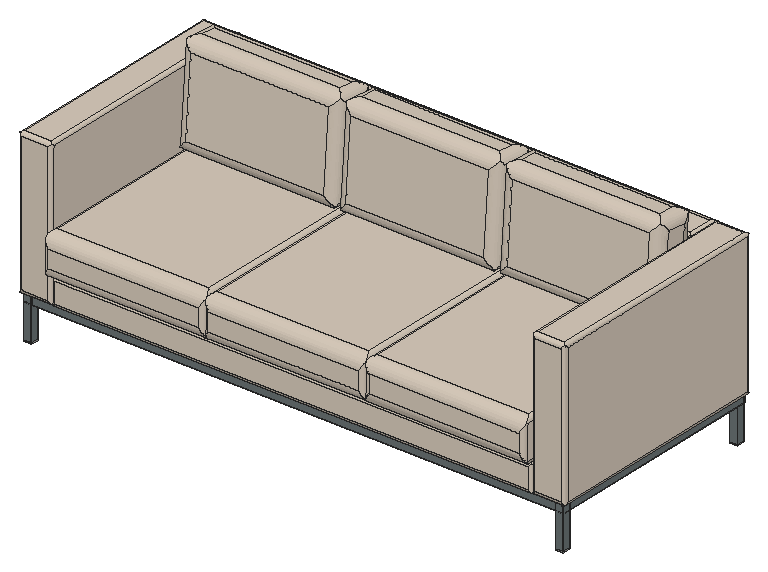
Revit family "FU_Sofa_Sandler_Iber 7-3", category Furniture, Revit 2022
Family settings
  OmniClass Number = 23.40.20.00
  OmniClass Title = General Furniture and Specialties
  Work Plane-Based = No
  Always vertical = Yes
  Cut with Voids When Loaded = No
  Render Appearance Source = Family Geometry
  Shared = No
  Room Calculation Point = No
Parameters (values of type "Iber 7.3")
  Width = 1990 mm
  URL = "https://www.sandlerseating.com/product/iber-7-3/"
  Seat [instance] = Fabric - Manhattan - Bronx YI364
  Model = "Iber 7.3"
  Manufacturer = "Sandler"
  Height = 780 mm
  Frame [instance] = Metal - Powdercoats - Granite Grey RAL 7026
  Description = "Three-seat sofa with slender armrests and chrome feet."
  Depth = 880 mm
  Default Elevation = 0 mm
Reference planes
  plane 1 "Center (Front/Back)": y = 0
  plane 2: z = 0
  plane 3 "Center (Left/Right)": x = 0
  plane 4 "Right": x = -995
  plane 5 "Left": x = 995
  plane 6 "Back": y = 440
  plane 7 "Front": y = -440
  plane 8 "Height": z = 780
  plane 9 "Seat Height": z = 410
  plane 10 "frame height FRONT": z = 155
  plane 11 "pads FRONT": z = 5
  plane 12 "frame right FRONT": x = -984.066
  plane 13 "frame left FRONT": x = 984.331
  plane 14 "frame front RIGHT": y = -396
  plane 15 "frame back RIGHT": y = 428
  plane 16 "inner right arm FRONT": x = -875.043
  plane 17 "inner left arm FRONT": x = 874.947
Forms (mm)
  Sweep 1, solid, material "Metal - Powdercoats - Granite Grey RAL 7026" <- "Frame"
    path origin (0, 0, 155) x (-1, 0, 0) y (0, -1, 0)
      loop
        line (984.066, -428) -> (984.066, 396) -> (-984.331, 396) -> (-984.331, -428) -> (984.066, -428)
    profile origin (0.132, 428, 155) x (0, 1, 0) y (0, 0, 1)
      loop
        line (-1.5, 0) -> (-28.5, 0)
        arc (-28.5, 0) -> (-29.561, -0.439) -> (-30, -1.5) r 1.5
        line (-30, -1.5) -> (-30, -26.5)
        arc (-30, -26.5) -> (-29.561, -27.561) -> (-28.5, -28) r 1.5
        line (-28.5, -28) -> (-1.5, -28)
        arc (-1.5, -28) -> (-0.439, -27.561) -> (0, -26.5) r 1.5
        line (0, -26.5) -> (0, -1.5)
        arc (0, -1.5) -> (-0.439, -0.439) -> (-1.5, 0) r 1.5
  Sweep 2, solid, material "Metal - Powdercoats - Granite Grey RAL 7026" <- "Frame"
    path origin (984.331, 0, 0) x (0, 0, 1) y (0, -1, 0)
      loop
        line (155, 396) -> (5, 396)
    profile origin (984.331, -396, 80) x (1, 0, 0) y (0, 1, 0)
      loop
        arc (-1.48, -0.021) -> (-0.419, 0.419) -> (0.02, 1.479) r 1.5
        line (0.02, 1.479) -> (0.02, 28.479)
        arc (0.02, 28.479) -> (-0.419, 29.54) -> (-1.48, 29.979) r 1.5
        line (-1.48, 29.979) -> (-28.48, 29.979)
        arc (-28.48, 29.979) -> (-29.541, 29.54) -> (-29.98, 28.479) r 1.5
        line (-29.98, 28.479) -> (-29.98, 1.479)
        arc (-29.98, 1.479) -> (-29.541, 0.419) -> (-28.48, -0.021) r 1.5
        line (-28.48, -0.021) -> (-1.48, -0.021)
  Sweep 3, solid, material "Metal - Powdercoats - Granite Grey RAL 7026" <- "Frame"
    path origin (-984.066, 0, 0) x (0, 0, 1) y (0, -1, 0)
      loop
        line (155, 396.021) -> (5, 396.021)
    profile origin (-984.066, -396.021, 80) x (1, 0, 0) y (0, 1, 0)
      loop
        arc (28.5, 0) -> (29.561, 0.439) -> (30, 1.5) r 1.5
        line (30, 1.5) -> (30, 28.5)
        arc (30, 28.5) -> (29.561, 29.561) -> (28.5, 30) r 1.5
        line (28.5, 30) -> (1.5, 30)
        arc (1.5, 30) -> (0.439, 29.561) -> (0, 28.5) r 1.5
        line (0, 28.5) -> (0, 1.5)
        arc (0, 1.5) -> (0.439, 0.439) -> (1.5, 0) r 1.5
        line (1.5, 0) -> (28.5, 0)
  Sweep 4, solid, material "Metal - Powdercoats - Granite Grey RAL 7026" <- "Frame"
    path origin (0, -396, 0) x (0, 0, 1) y (1, 0, 0)
      loop
        line (155, -984.066) -> (5, -984.066)
    profile origin (-984.066, -396, 80) x (0, 1, 0) y (-1, 0, 0)
      loop
        arc (794, -28.5) -> (794.439, -29.561) -> (795.5, -30) r 1.5
        line (795.5, -30) -> (822.5, -30)
        arc (822.5, -30) -> (823.561, -29.561) -> (824, -28.5) r 1.5
        line (824, -28.5) -> (824, -1.5)
        arc (824, -1.5) -> (823.561, -0.439) -> (822.5, 0) r 1.5
        line (822.5, 0) -> (795.5, 0)
        arc (795.5, 0) -> (794.439, -0.439) -> (794, -1.5) r 1.5
        line (794, -1.5) -> (794, -28.5)
  Sweep 5, solid, material "Metal - Powdercoats - Granite Grey RAL 7026" <- "Frame"
    path origin (984.331, 0, 0) x (0, 0, 1) y (0, -1, 0)
      loop
        line (155, -428) -> (5, -428)
    profile origin (984.331, 428, 80) x (1, 0, 0) y (0, 1, 0)
      loop
        arc (-1.5, -30) -> (-0.439, -29.561) -> (0, -28.5) r 1.5
        line (0, -28.5) -> (0, -1.5)
        arc (0, -1.5) -> (-0.439, -0.439) -> (-1.5, 0) r 1.5
        line (-1.5, 0) -> (-28.5, 0)
        arc (-28.5, 0) -> (-29.561, -0.439) -> (-30, -1.5) r 1.5
        line (-30, -1.5) -> (-30, -28.5)
        arc (-30, -28.5) -> (-29.561, -29.561) -> (-28.5, -30) r 1.5
        line (-28.5, -30) -> (-1.5, -30)
  Sweep 6, solid, material "Rubber, Natural"
    path origin (984.331, 0, 0) x (0, 0, 1) y (0, -1, 0)
      loop
        line (5, -428) -> (0, -428)
    profile origin (984.331, 428, 2.5) x (1, 0, 0) y (0, 1, 0)
      loop
        arc (-1.48, -30) -> (-0.419, -29.561) -> (0.02, -28.5) r 1.5
        line (0.02, -28.5) -> (0.02, -1.5)
        arc (0.02, -1.5) -> (-0.419, -0.439) -> (-1.48, 0) r 1.5
        line (-1.48, 0) -> (-28.48, 0)
        arc (-28.48, 0) -> (-29.541, -0.439) -> (-29.98, -1.5) r 1.5
        line (-29.98, -1.5) -> (-29.98, -28.5)
        arc (-29.98, -28.5) -> (-29.541, -29.561) -> (-28.48, -30) r 1.5
        line (-28.48, -30) -> (-1.48, -30)
  Sweep 7, solid, material "Rubber, Natural"
    path origin (984.331, 0, 0) x (0, 0, 1) y (0, -1, 0)
      loop
        line (5, 396.021) -> (0, 396.021)
    profile origin (984.331, -396.021, 2.5) x (1, 0, 0) y (0, 1, 0)
      loop
        arc (-1.48, 0) -> (-0.419, 0.439) -> (0.02, 1.5) r 1.5
        line (0.02, 1.5) -> (0.02, 28.5)
        arc (0.02, 28.5) -> (-0.419, 29.561) -> (-1.48, 30) r 1.5
        line (-1.48, 30) -> (-28.48, 30)
        arc (-28.48, 30) -> (-29.541, 29.561) -> (-29.98, 28.5) r 1.5
        line (-29.98, 28.5) -> (-29.98, 1.5)
        arc (-29.98, 1.5) -> (-29.541, 0.439) -> (-28.48, 0) r 1.5
        line (-28.48, 0) -> (-1.48, 0)
  Sweep 8, solid, material "Rubber, Natural"
    path origin (-984.066, 0, 0) x (0, 0, 1) y (0, -1, 0)
      loop
        line (5, 396.021) -> (0, 396.021)
    profile origin (-984.066, -396.021, 2.5) x (1, 0, 0) y (0, 1, 0)
      loop
        arc (28.5, 0) -> (29.561, 0.439) -> (30, 1.5) r 1.5
        line (30, 1.5) -> (30, 28.5)
        arc (30, 28.5) -> (29.561, 29.561) -> (28.5, 30) r 1.5
        line (28.5, 30) -> (1.5, 30)
        arc (1.5, 30) -> (0.439, 29.561) -> (0, 28.5) r 1.5
        line (0, 28.5) -> (0, 1.5)
        arc (0, 1.5) -> (0.439, 0.439) -> (1.5, 0) r 1.5
        line (1.5, 0) -> (28.5, 0)
  Sweep 9, solid, material "Rubber, Natural"
    path origin (-984.066, 0, 0) x (0, 0, 1) y (0, -1, 0)
      loop
        line (5, -428) -> (0, -428)
    profile origin (-984.066, 428, 2.5) x (1, 0, 0) y (0, 1, 0)
      loop
        arc (28.5, -30) -> (29.561, -29.561) -> (30, -28.5) r 1.5
        line (30, -28.5) -> (30, -1.5)
        arc (30, -1.5) -> (29.561, -0.439) -> (28.5, 0) r 1.5
        line (28.5, 0) -> (1.5, 0)
        arc (1.5, 0) -> (0.439, -0.439) -> (0, -1.5) r 1.5
        line (0, -1.5) -> (0, -28.5)
        arc (0, -28.5) -> (0.439, -29.561) -> (1.5, -30) r 1.5
        line (1.5, -30) -> (28.5, -30)
  Extrusion 10, solid, material "Fabric - Manhattan - Bronx YI364" <- "Seat"
    sketch origin (-995, 0, 0) x (0, 1, 0) y (0, 0, 1)
      loop
        arc (425, 155) -> (435.607, 159.393) -> (440, 170) r 15
        line (440, 170) -> (440, 670)
        arc (440, 670) -> (435.607, 680.607) -> (425, 685) r 15
        line (425, 685) -> (-388.972, 685)
        arc (-388.972, 685) -> (-399.579, 680.607) -> (-403.972, 670) r 15
        line (-403.972, 670) -> (-403.972, 170)
        arc (-403.972, 170) -> (-399.579, 159.393) -> (-388.972, 155) r 15
        line (-388.972, 155) -> (425, 155)
    from 0 to 119.957
  Extrusion 11, solid, material "Fabric - Manhattan - Bronx YI364" <- "Seat"
    sketch origin (995, 0, 0) x (0, 1, 0) y (0, 0, 1)
      loop
        arc (425, 155) -> (435.607, 159.393) -> (440, 170) r 15
        line (440, 170) -> (440, 670)
        arc (440, 670) -> (435.607, 680.607) -> (425, 685) r 15
        line (425, 685) -> (-388.972, 685)
        arc (-388.972, 685) -> (-399.579, 680.607) -> (-403.972, 670) r 15
        line (-403.972, 670) -> (-403.972, 170)
        arc (-403.972, 170) -> (-399.579, 159.393) -> (-388.972, 155) r 15
        line (-388.972, 155) -> (425, 155)
    from 0 to -120.053
  Sweep 12, void
    path in 3D
      loop
        line (-995, 440, 685) -> (-995, 440, 155) -> (-995, -403.972, 155) -> (-995, -403.972, 685) -> (-995, 440, 685)
    profile "Pro_edgeCut_12mm : Pro_edgeCut_12mm" origin (-995, 18.014, 685) x (-1, 0, 0) y (0, 0, 1)
      loop
        line (-7.071, 21.213) -> (-14.142, 0) -> (-12, 0)
        arc (-12, 0) -> (-3.515, -3.515) -> (0, -12) r 12
        line (0, -12) -> (0, -14.142) -> (21.213, -7.071) -> (-7.071, 21.213)
  Sweep 13, void
    path in 3D
      loop
        line (-875.043, -403.972, 685) -> (-875.043, -403.972, 155) -> (-875.043, 440, 155) -> (-875.043, 440, 685) -> (-875.043, -403.972, 685)
    profile "Pro_edgeCut_12mm : Pro_edgeCut_12mm" origin (-875.043, 18.014, 685) x (1, 0, 0) y (0, 0, 1)
      loop
        line (-7.071, 21.213) -> (-14.142, 0) -> (-12, 0)
        arc (-12, 0) -> (-3.515, -3.515) -> (0, -12) r 12
        line (0, -12) -> (0, -14.142) -> (21.213, -7.071) -> (-7.071, 21.213)
  Sweep 14, void
    path in 3D
      loop
        line (995, -403.972, 685) -> (995, -403.972, 155) -> (995, 440, 155) -> (995, 440, 685) -> (995, -403.972, 685)
    profile "Pro_edgeCut_12mm : Pro_edgeCut_12mm" origin (995, 18.014, 685) x (1, 0, 0) y (0, 0, 1)
      loop
        line (-7.071, 21.213) -> (-14.142, 0) -> (-12, 0)
        arc (-12, 0) -> (-3.515, -3.515) -> (0, -12) r 12
        line (0, -12) -> (0, -14.142) -> (21.213, -7.071) -> (-7.071, 21.213)
  Sweep 15, void
    path in 3D
      loop
        line (874.947, 440, 685) -> (874.947, 440, 155) -> (874.947, -403.972, 155) -> (874.947, -403.972, 685) -> (874.947, 440, 685)
    profile "Pro_edgeCut_12mm : Pro_edgeCut_12mm" origin (874.947, 18.014, 685) x (-1, 0, 0) y (0, 0, 1)
      loop
        line (-7.071, 21.213) -> (-14.142, 0) -> (-12, 0)
        arc (-12, 0) -> (-3.515, -3.515) -> (0, -12) r 12
        line (0, -12) -> (0, -14.142) -> (21.213, -7.071) -> (-7.071, 21.213)
  Extrusion 16, solid, material "Fabric - Manhattan - Bronx YI364" <- "Seat"
    sketch origin (0, 0, 0) x (0, 1, 0) y (0, 0, 1)
      loop
        line (-393.717, 155) -> (425, 155)
        arc (425, 155) -> (435.607, 159.393) -> (440, 170) r 15
        line (440, 170) -> (440, 669.793)
        arc (440, 669.793) -> (435.607, 680.4) -> (425, 684.793) r 15
        line (425, 684.793) -> (335, 684.793)
        arc (335, 684.793) -> (324.393, 680.4) -> (320, 669.793) r 15
        line (320, 669.793) -> (320, 255) -> (-388.717, 255)
        arc (-388.717, 255) -> (-399.324, 250.607) -> (-403.717, 240) r 15
        line (-403.717, 240) -> (-403.717, 165)
        arc (-403.717, 165) -> (-400.788, 157.929) -> (-393.717, 155) r 10
    from -875.043 to 874.947
  Sweep 17, void
    path in 3D
      loop
        line (874.947, -403.717, 255) -> (874.947, -403.717, 155) -> (874.947, 440, 155) -> (874.947, 440, 684.793) -> (874.947, 320, 684.793) -> (874.947, 320, 255) -> (874.947, -403.717, 255)
    profile "Pro_edgeCut_12mm : Pro_edgeCut_12mm" origin (874.947, -41.859, 255) x (1, 0, 0) y (0, 0, 1)
      loop
        line (-7.071, 21.213) -> (-14.142, 0) -> (-12, 0)
        arc (-12, 0) -> (-3.515, -3.515) -> (0, -12) r 12
        line (0, -12) -> (0, -14.142) -> (21.213, -7.071) -> (-7.071, 21.213)
  Sweep 18, void
    path in 3D
      loop
        line (-875.043, 320, 255) -> (-875.043, 320, 684.793) -> (-875.043, 440, 684.793) -> (-875.043, 440, 155) -> (-875.043, -403.717, 155) -> (-875.043, -403.717, 255) -> (-875.043, 320, 255)
    profile "Pro_edgeCut_12mm : Pro_edgeCut_12mm" origin (-875.043, -41.859, 255) x (-1, 0, 0) y (0, 0, 1)
      loop
        line (-7.071, 21.213) -> (-14.142, 0) -> (-12, 0)
        arc (-12, 0) -> (-3.515, -3.515) -> (0, -12) r 12
        line (0, -12) -> (0, -14.142) -> (21.213, -7.071) -> (-7.071, 21.213)
  Extrusion 19, solid, material "Fabric - Manhattan - Bronx YI364" <- "Seat"
    sketch origin (-875.043, 0, 0) x (0, 0, 1) y (0, -1, 0)
      loop
        arc (460.779, -158.902) -> (427.98, -169.413) -> (412.22, -200.037) r 45
        line (412.22, -200.037) -> (407.29, -259.601)
        arc (407.29, -259.601) -> (417.8, -292.399) -> (448.424, -308.16) r 45
        line (448.424, -308.16) -> (726.248, -331.157)
        arc (726.248, -331.157) -> (759.047, -320.647) -> (774.807, -290.023) r 45
        line (774.807, -290.023) -> (779.738, -230.458)
        arc (779.738, -230.458) -> (769.227, -197.66) -> (738.603, -181.9) r 45
        line (738.603, -181.9) -> (460.779, -158.902)
    from 0 to 583
  Sweep 20, void
    path in 3D
      loop
        line (-292.043, 185.612, 783.45) -> (-292.043, 155.19, 415.932) -> (-292.043, 304.447, 403.577) -> (-292.043, 334.869, 771.095) -> (-292.043, 185.612, 783.45)
    profile "Pro_edgeCut_40mm : Pro_edgeCut_40mm" origin (-292.043, 260.241, 777.272) x (0, -0.082494, -0.996592) y (1, 0, 0)
      loop
        line (7.071, 21.213) -> (-21.213, -7.071) -> (0, -40)
        arc (0, -40) -> (11.716, -11.716) -> (40, 0) r 40
        line (40, 0) -> (7.071, 21.213)
  Sweep 21, void
    path in 3D
      loop
        line (-875.043, 334.869, 771.095) -> (-875.043, 304.447, 403.577) -> (-875.043, 155.19, 415.932) -> (-875.043, 185.612, 783.45) -> (-875.043, 334.869, 771.095)
    profile "Pro_edgeCut_40mm : Pro_edgeCut_40mm" origin (-875.043, 260.241, 777.272) x (0, -0.082494, -0.996592) y (-1, 0, 0)
      loop
        line (7.071, 21.213) -> (-21.213, -7.071) -> (0, -40)
        arc (0, -40) -> (11.716, -11.716) -> (40, 0) r 40
        line (40, 0) -> (7.071, 21.213)
  Extrusion 22, solid, material "Fabric - Manhattan - Bronx YI364" <- "Seat"
    sketch origin (-875.043, 0, 0) x (0, 0, 1) y (0, -1, 0)
      loop
        line (255, -320) -> (410, -320) -> (410, 395)
        arc (410, 395) -> (396.82, 426.82) -> (365, 440) r 45
        line (365, 440) -> (300, 440)
        arc (300, 440) -> (268.18, 426.82) -> (255, 395) r 45
        line (255, 395) -> (255, -320)
    from 0 to 583
  Sweep 23, void
    path in 3D
      loop
        line (-875.043, 320, 410) -> (-875.043, 320, 255) -> (-875.043, -440, 255) -> (-875.043, -440, 410) -> (-875.043, 320, 410)
    profile "Pro_edgeCut_32-5mm : Pro_edgeCut_32-5mm" origin (-875.043, -60, 410) x (-1, 0, 0) y (0, 0, 1)
      loop
        line (-7.071, 21.213) -> (-16.25, 0)
        arc (-16.25, 0) -> (-4.76, -4.76) -> (0, -16.25) r 16.25
        line (0, -16.25) -> (21.213, -7.071) -> (-7.071, 21.213)
  Sweep 24, void
    path in 3D
      loop
        line (-292.043, -440, 410) -> (-292.043, -440, 255) -> (-292.043, 320, 255) -> (-292.043, 320, 410) -> (-292.043, -440, 410)
    profile "Pro_edgeCut_32-5mm : Pro_edgeCut_32-5mm" origin (-292.043, -60, 410) x (1, 0, 0) y (0, 0, 1)
      loop
        line (-7.071, 21.213) -> (-16.25, 0)
        arc (-16.25, 0) -> (-4.76, -4.76) -> (0, -16.25) r 16.25
        line (0, -16.25) -> (21.213, -7.071) -> (-7.071, 21.213)
  Extrusion 25, solid, material "Fabric - Manhattan - Bronx YI364" <- "Seat"
    sketch origin (575.043, 0, 0) x (0, 0, 1) y (0, 1, 0)
      loop
        line (460.779, 158.902) -> (738.603, 181.9)
        arc (738.603, 181.9) -> (769.227, 197.66) -> (779.738, 230.458) r 45
        line (779.738, 230.458) -> (774.807, 290.023)
        arc (774.807, 290.023) -> (759.047, 320.647) -> (726.248, 331.157) r 45
        line (726.248, 331.157) -> (448.424, 308.16)
        arc (448.424, 308.16) -> (417.8, 292.399) -> (407.29, 259.601) r 45
        line (407.29, 259.601) -> (412.22, 200.037)
        arc (412.22, 200.037) -> (427.98, 169.413) -> (460.779, 158.902) r 45
    from -299.903 to 283
  Sweep 26, void
    path in 3D
      loop
        line (292.043, 185.612, 783.45) -> (292.043, 155.19, 415.932) -> (292.043, 304.447, 403.577) -> (292.043, 334.869, 771.095) -> (292.043, 185.612, 783.45)
    profile "Pro_edgeCut_40mm : Pro_edgeCut_40mm" origin (292.043, 260.241, 777.272) x (0, 0.082494, 0.996592) y (-1, 0, 0)
      loop
        line (-7.071, 21.213) -> (-40, 0)
        arc (-40, 0) -> (-11.716, -11.716) -> (0, -40) r 40
        line (0, -40) -> (21.213, -7.071) -> (-7.071, 21.213)
  Sweep 27, void
    path in 3D
      loop
        line (874.947, 334.869, 771.095) -> (874.947, 304.447, 403.577) -> (874.947, 155.19, 415.932) -> (874.947, 185.612, 783.45) -> (874.947, 334.869, 771.095)
    profile "Pro_edgeCut_40mm : Pro_edgeCut_40mm" origin (874.947, 260.241, 777.272) x (0, 0.082494, 0.996592) y (1, 0, 0)
      loop
        line (-7.071, 21.213) -> (-40, 0)
        arc (-40, 0) -> (-11.716, -11.716) -> (0, -40) r 40
        line (0, -40) -> (21.213, -7.071) -> (-7.071, 21.213)
  Extrusion 28, solid, material "Fabric - Manhattan - Bronx YI364" <- "Seat"
    sketch origin (575.043, 0, 0) x (0, 0, 1) y (0, 1, 0)
      loop
        line (255, 320) -> (255, -395)
        arc (255, -395) -> (268.18, -426.82) -> (300, -440) r 45
        line (300, -440) -> (365, -440)
        arc (365, -440) -> (396.82, -426.82) -> (410, -395) r 45
        line (410, -395) -> (410, 320) -> (255, 320)
    from -299.903 to 283
  Sweep 29, void
    path in 3D
      loop
        line (874.947, 320, 410) -> (874.947, 320, 255) -> (874.947, -440, 255) -> (874.947, -440, 410) -> (874.947, 320, 410)
    profile "Pro_edgeCut_32-5mm : Pro_edgeCut_32-5mm" origin (874.947, -60, 410) x (-1, 0, 0) y (0, 0, 1)
      loop
        line (7.071, 21.213) -> (-21.213, -7.071) -> (0, -16.25)
        arc (0, -16.25) -> (4.76, -4.76) -> (16.25, 0) r 16.25
        line (16.25, 0) -> (7.071, 21.213)
  Sweep 30, void
    path in 3D
      loop
        line (292.043, -440, 410) -> (292.043, -440, 255) -> (292.043, 320, 255) -> (292.043, 320, 410) -> (292.043, -440, 410)
    profile "Pro_edgeCut_32-5mm : Pro_edgeCut_32-5mm" origin (292.043, -60, 410) x (1, 0, 0) y (0, 0, 1)
      loop
        line (7.071, 21.213) -> (-21.213, -7.071) -> (0, -16.25)
        arc (0, -16.25) -> (4.76, -4.76) -> (16.25, 0) r 16.25
        line (16.25, 0) -> (7.071, 21.213)
  Extrusion 31, solid, material "Fabric - Manhattan - Bronx YI364" <- "Seat"
    sketch origin (-8.548, 0, 0) x (0, 0, 1) y (0, 1, 0)
      loop
        line (460.779, 158.902) -> (738.603, 181.9)
        arc (738.603, 181.9) -> (769.227, 197.66) -> (779.738, 230.458) r 45
        line (779.738, 230.458) -> (774.807, 290.023)
        arc (774.807, 290.023) -> (759.047, 320.647) -> (726.248, 331.157) r 45
        line (726.248, 331.157) -> (448.424, 308.16)
        arc (448.424, 308.16) -> (417.8, 292.399) -> (407.29, 259.601) r 45
        line (407.29, 259.601) -> (412.22, 200.037)
        arc (412.22, 200.037) -> (427.98, 169.413) -> (460.779, 158.902) r 45
    from -299.903 to 283
  Sweep 32, void
    path in 3D
      loop
        line (-291.548, 185.612, 783.45) -> (-291.548, 155.19, 415.932) -> (-291.548, 304.447, 403.577) -> (-291.548, 334.869, 771.095) -> (-291.548, 185.612, 783.45)
    profile "Pro_edgeCut_40mm : Pro_edgeCut_40mm" origin (-291.548, 260.241, 777.272) x (0, 0.082494, 0.996592) y (-1, 0, 0)
      loop
        line (-7.071, 21.213) -> (-40, 0)
        arc (-40, 0) -> (-11.716, -11.716) -> (0, -40) r 40
        line (0, -40) -> (21.213, -7.071) -> (-7.071, 21.213)
  Sweep 33, void
    path in 3D
      loop
        line (291.355, 334.869, 771.095) -> (291.355, 304.447, 403.577) -> (291.355, 155.19, 415.932) -> (291.355, 185.612, 783.45) -> (291.355, 334.869, 771.095)
    profile "Pro_edgeCut_40mm : Pro_edgeCut_40mm" origin (291.355, 260.241, 777.272) x (0, 0.082494, 0.996592) y (1, 0, 0)
      loop
        line (-7.071, 21.213) -> (-40, 0)
        arc (-40, 0) -> (-11.716, -11.716) -> (0, -40) r 40
        line (0, -40) -> (21.213, -7.071) -> (-7.071, 21.213)
  Extrusion 34, solid, material "Fabric - Manhattan - Bronx YI364" <- "Seat"
    sketch origin (-8.548, 0, 0) x (0, 0, 1) y (0, 1, 0)
      loop
        line (255, 320) -> (255, -395)
        arc (255, -395) -> (268.18, -426.82) -> (300, -440) r 45
        line (300, -440) -> (365, -440)
        arc (365, -440) -> (396.82, -426.82) -> (410, -395) r 45
        line (410, -395) -> (410, 320) -> (255, 320)
    from -300 to 283
  Sweep 35, void
    path in 3D
      loop
        line (291.452, 320, 410) -> (291.452, 320, 255) -> (291.452, -440, 255) -> (291.452, -440, 410) -> (291.452, 320, 410)
    profile "Pro_edgeCut_32-5mm : Pro_edgeCut_32-5mm" origin (291.452, -60, 410) x (-1, 0, 0) y (0, 0, 1)
      loop
        line (7.071, 21.213) -> (-21.213, -7.071) -> (0, -16.25)
        arc (0, -16.25) -> (4.76, -4.76) -> (16.25, 0) r 16.25
        line (16.25, 0) -> (7.071, 21.213)
  Sweep 36, void
    path in 3D
      loop
        line (-291.548, -440, 410) -> (-291.548, -440, 255) -> (-291.548, 320, 255) -> (-291.548, 320, 410) -> (-291.548, -440, 410)
    profile "Pro_edgeCut_32-5mm : Pro_edgeCut_32-5mm" origin (-291.548, -60, 410) x (1, 0, 0) y (0, 0, 1)
      loop
        line (7.071, 21.213) -> (-21.213, -7.071) -> (0, -16.25)
        arc (0, -16.25) -> (4.76, -4.76) -> (16.25, 0) r 16.25
        line (16.25, 0) -> (7.071, 21.213)
Cuts and joins
  Sweep 12, Sweep 13 cuts Extrusion 10
  Sweep 14, Sweep 15 cuts Extrusion 11
  Sweep 17, Sweep 18 cuts Extrusion 16
  Sweep 20, Sweep 21 cuts Extrusion 19
  Sweep 23, Sweep 24 cuts Extrusion 22
  Sweep 32, Sweep 33 cuts Extrusion 31
  Sweep 26, Sweep 27 cuts Extrusion 25
  Sweep 29, Sweep 30 cuts Extrusion 28
  Sweep 35, Sweep 36 cuts Extrusion 34
Lines and regions (mm)
  sketch lines
    curve 1: line (-995, -403.972, 685) -> (-995, 440, 685)
    curve 2: line (-995, -403.972, 155) -> (-995, -403.972, 685)
    curve 3: line (-995, 440, 155) -> (-995, -403.972, 155)
    curve 4: line (-995, 440, 685) -> (-995, 440, 155)
    curve 5: line (-875.043, 440, 685) -> (-875.043, -403.972, 685)
    curve 6: line (-875.043, -403.972, 685) -> (-875.043, -403.972, 155)
    curve 7: line (-875.043, -403.972, 155) -> (-875.043, 440, 155)
    curve 8: line (-875.043, 440, 155) -> (-875.043, 440, 685)
    curve 9: line (995, 440, 685) -> (995, -403.972, 685)
    curve 10: line (995, -403.972, 685) -> (995, -403.972, 155)
    curve 11: line (995, -403.972, 155) -> (995, 440, 155)
    curve 12: line (995, 440, 155) -> (995, 440, 685)
    curve 13: line (874.947, -403.972, 685) -> (874.947, 440, 685)
    curve 14: line (874.947, -403.972, 155) -> (874.947, -403.972, 685)
    curve 15: line (874.947, 440, 155) -> (874.947, -403.972, 155)
    curve 16: line (874.947, 440, 685) -> (874.947, 440, 155)
    curve 17: line (874.947, 320, 255) -> (874.947, -403.717, 255)
    curve 18: line (874.947, -403.717, 255) -> (874.947, -403.717, 155)
    curve 19: line (874.947, -403.717, 155) -> (874.947, 440, 155)
    curve 20: line (874.947, 440, 155) -> (874.947, 440, 684.793)
    curve 21: line (874.947, 440, 684.793) -> (874.947, 320, 684.793)
    curve 22: line (874.947, 320, 684.793) -> (874.947, 320, 255)
    curve 23: line (-875.043, -403.717, 255) -> (-875.043, 320, 255)
    curve 24: line (-875.043, -403.717, 155) -> (-875.043, -403.717, 255)
    curve 25: line (-875.043, 440, 155) -> (-875.043, -403.717, 155)
    curve 26: line (-875.043, 440, 684.793) -> (-875.043, 440, 155)
    curve 27: line (-875.043, 320, 684.793) -> (-875.043, 440, 684.793)
    curve 28: line (-875.043, 320, 255) -> (-875.043, 320, 684.793)
    curve 29: line (-292.043, 334.869, 771.095) -> (-292.043, 185.612, 783.45)
    curve 30: line (-292.043, 185.612, 783.45) -> (-292.043, 155.19, 415.932)
    curve 31: line (-292.043, 155.19, 415.932) -> (-292.043, 304.447, 403.577)
    curve 32: line (-292.043, 304.447, 403.577) -> (-292.043, 334.869, 771.095)
    curve 33: line (-875.043, 185.612, 783.45) -> (-875.043, 334.869, 771.095)
    curve 34: line (-875.043, 155.19, 415.932) -> (-875.043, 185.612, 783.45)
    curve 35: line (-875.043, 304.447, 403.577) -> (-875.043, 155.19, 415.932)
    curve 36: line (-875.043, 334.869, 771.095) -> (-875.043, 304.447, 403.577)
    curve 37: line (-875.043, -440, 410) -> (-875.043, 320, 410)
    curve 38: line (-875.043, -440, 255) -> (-875.043, -440, 410)
    curve 39: line (-875.043, 320, 255) -> (-875.043, -440, 255)
    curve 40: line (-875.043, 320, 410) -> (-875.043, 320, 255)
    curve 41: line (-292.043, 320, 410) -> (-292.043, -440, 410)
    curve 42: line (-292.043, -440, 410) -> (-292.043, -440, 255)
    curve 43: line (-292.043, -440, 255) -> (-292.043, 320, 255)
    curve 44: line (-292.043, 320, 255) -> (-292.043, 320, 410)
    curve 45: line (292.043, 334.869, 771.095) -> (292.043, 185.612, 783.45)
    curve 46: line (292.043, 185.612, 783.45) -> (292.043, 155.19, 415.932)
    curve 47: line (292.043, 155.19, 415.932) -> (292.043, 304.447, 403.577)
    curve 48: line (292.043, 304.447, 403.577) -> (292.043, 334.869, 771.095)
    curve 49: line (874.947, 185.612, 783.45) -> (874.947, 334.869, 771.095)
    curve 50: line (874.947, 155.19, 415.932) -> (874.947, 185.612, 783.45)
    curve 51: line (874.947, 304.447, 403.577) -> (874.947, 155.19, 415.932)
    curve 52: line (874.947, 334.869, 771.095) -> (874.947, 304.447, 403.577)
    curve 53: line (874.947, -440, 410) -> (874.947, 320, 410)
    curve 54: line (874.947, -440, 255) -> (874.947, -440, 410)
    curve 55: line (874.947, 320, 255) -> (874.947, -440, 255)
    curve 56: line (874.947, 320, 410) -> (874.947, 320, 255)
    curve 57: line (292.043, 320, 410) -> (292.043, -440, 410)
    curve 58: line (292.043, -440, 410) -> (292.043, -440, 255)
    curve 59: line (292.043, -440, 255) -> (292.043, 320, 255)
    curve 60: line (292.043, 320, 255) -> (292.043, 320, 410)
    curve 61: line (-291.548, 334.869, 771.095) -> (-291.548, 185.612, 783.45)
    curve 62: line (-291.548, 185.612, 783.45) -> (-291.548, 155.19, 415.932)
    curve 63: line (-291.548, 155.19, 415.932) -> (-291.548, 304.447, 403.577)
    curve 64: line (-291.548, 304.447, 403.577) -> (-291.548, 334.869, 771.095)
    curve 65: line (291.355, 185.612, 783.45) -> (291.355, 334.869, 771.095)
    curve 66: line (291.355, 155.19, 415.932) -> (291.355, 185.612, 783.45)
    curve 67: line (291.355, 304.447, 403.577) -> (291.355, 155.19, 415.932)
    curve 68: line (291.355, 334.869, 771.095) -> (291.355, 304.447, 403.577)
    curve 69: line (291.452, -440, 410) -> (291.452, 320, 410)
    curve 70: line (291.452, -440, 255) -> (291.452, -440, 410)
    curve 71: line (291.452, 320, 255) -> (291.452, -440, 255)
    curve 72: line (291.452, 320, 410) -> (291.452, 320, 255)
    curve 73: line (-291.548, 320, 410) -> (-291.548, -440, 410)
    curve 74: line (-291.548, -440, 410) -> (-291.548, -440, 255)
    curve 75: line (-291.548, -440, 255) -> (-291.548, 320, 255)
    curve 76: line (-291.548, 320, 255) -> (-291.548, 320, 410)
Dimensions and locks
  equal spacing: plane 6 "Back", plane 1 "Center (Front/Back)", plane 7 "Front"
  "Depth": plane 6 "Back" to plane 7 "Front"
  equal spacing: plane 4 "Right", plane 3 "Center (Left/Right)", plane 5 "Left"
  "Width": plane 4 "Right" to plane 5 "Left"
  "Height": plane 8 "Height" to level
  locked: plane 12 "frame right FRONT" to plane 4 "Right" at 10.934
  locked: plane 5 "Left" to plane 13 "frame left FRONT" at 10.669
  locked: plane 16 "inner right arm FRONT" to plane 12 "frame right FRONT" at 109.022
  locked: plane 13 "frame left FRONT" to plane 17 "inner left arm FRONT" at 109.384
  aligned and locked: level to plane 2
  aligned and locked: Sweep 1 sketch curve to plane 15 "frame back RIGHT"
  aligned and locked: plane 12 "frame right FRONT" to Sweep 1 sketch curve
  aligned and locked: plane 14 "frame front RIGHT" to Sweep 1 sketch curve
  aligned and locked: Sweep 1 sketch curve to plane 13 "frame left FRONT"
  aligned and locked: plane 16 "inner right arm FRONT" to Extrusion 10
  aligned and locked: Extrusion 11 to plane 17 "inner left arm FRONT"
  aligned and locked: Extrusion 16 to plane 16 "inner right arm FRONT"
  aligned and locked: plane 17 "inner left arm FRONT" to Extrusion 16
  aligned and locked: plane 17 "inner left arm FRONT" to Extrusion 28
  aligned and locked: plane 17 "inner left arm FRONT" to Extrusion 25
Automatic sketch dimensions
  Sweep 1 sketch curve to plane 10 "frame height FRONT" = 0 mm
  Sweep 1 sketch curve to profile plane = 0 mm
  profile plane to Sweep 1 sketch curve = 1.5 mm  (x2)
  Sweep 1 sketch curve to Sweep 1 sketch curve = 27 mm
  Sweep 1 sketch curve to Sweep 1 sketch curve = 0 mm
  Sweep 1 sketch curve to plane 10 "frame height FRONT" = 1.5 mm
  Sweep 1 sketch curve to Sweep 1 sketch curve = 25 mm
  plane 11 "pads FRONT" to Sweep 2 sketch curve = 0 mm
  Sweep 2 sketch curve to plane 10 "frame height FRONT" = 0 mm
  Sweep 2 sketch curve to plane 14 "frame front RIGHT" = 0 mm
  Sweep 2 sketch curve to profile plane = 1.479 mm
  Sweep 2 sketch curve to plane 13 "frame left FRONT" = 29.98 mm
  Sweep 2 sketch curve to Sweep 2 sketch curve = 1.5 mm
  profile plane to Sweep 2 sketch curve = 0.021 mm
  Sweep 2 sketch curve to plane 13 "frame left FRONT" = 1.48 mm  (x2)
  plane 13 "frame left FRONT" to Sweep 2 sketch curve = 0.02 mm
  Sweep 2 sketch curve to Sweep 2 sketch curve = 27 mm
  plane 11 "pads FRONT" to Sweep 3 sketch curve = 0 mm
  Sweep 3 sketch curve to plane 10 "frame height FRONT" = 0 mm
  Sweep 3 sketch curve to plane 14 "frame front RIGHT" = 0.021 mm
  Sweep 3 sketch curve to plane 12 "frame right FRONT" = 0 mm
  profile plane to Sweep 3 sketch curve = 0 mm
  plane 12 "frame right FRONT" to Sweep 3 sketch curve = 1.5 mm  (x2)
  Sweep 3 sketch curve to Sweep 3 sketch curve = 27 mm  (x2)
  Sweep 3 sketch curve to profile plane = 1.5 mm
  Sweep 3 sketch curve to Sweep 3 sketch curve = 0 mm
  Sweep 4 sketch curve to plane 11 "pads FRONT" = 0 mm
  Sweep 4 sketch curve to plane 10 "frame height FRONT" = 0 mm
  Sweep 4 sketch curve to plane 12 "frame right FRONT" = 0 mm
  Sweep 4 sketch curve to profile plane = 0 mm
  profile plane to Sweep 4 sketch curve = 28.5 mm
  plane 14 "frame front RIGHT" to Sweep 4 sketch curve = 794 mm
  Sweep 4 sketch curve to Sweep 4 sketch curve = 1.5 mm  (x3)
  Sweep 4 sketch curve to Sweep 4 sketch curve = 27 mm  (x2)
  Sweep 5 sketch curve to plane 15 "frame back RIGHT" = 0 mm
  Sweep 5 sketch curve to plane 10 "frame height FRONT" = 0 mm
  Sweep 5 sketch curve to plane 11 "pads FRONT" = 0 mm
  profile plane to Sweep 5 sketch curve = 0 mm
  Sweep 5 sketch curve to plane 13 "frame left FRONT" = 0 mm
  Sweep 5 sketch curve to plane 13 "frame left FRONT" = 1.5 mm  (x2)
  Sweep 5 sketch curve to Sweep 5 sketch curve = 27 mm  (x3)
  profile plane to Sweep 5 sketch curve = 1.5 mm
  Sweep 6 sketch curve to level = 0 mm
  plane 11 "pads FRONT" to Sweep 6 sketch curve = 0 mm
  plane 15 "frame back RIGHT" to Sweep 6 sketch curve = 0 mm
  Sweep 6 sketch curve to plane 13 "frame left FRONT" = 29.98 mm
  profile plane to Sweep 6 sketch curve = 0 mm
  Sweep 6 sketch curve to Sweep 6 sketch curve = 1.5 mm  (x2)
  Sweep 6 sketch curve to plane 13 "frame left FRONT" = 1.48 mm  (x2)
  plane 13 "frame left FRONT" to Sweep 6 sketch curve = 0.02 mm
  Sweep 6 sketch curve to Sweep 6 sketch curve = 27 mm
  Sweep 7 sketch curve to level = 0 mm
  plane 11 "pads FRONT" to Sweep 7 sketch curve = 0 mm
  Sweep 7 sketch curve to plane 14 "frame front RIGHT" = 0.021 mm
  profile plane to Sweep 7 sketch curve = 0 mm
  Sweep 7 sketch curve to profile plane = 1.5 mm
  Sweep 7 sketch curve to plane 13 "frame left FRONT" = 29.98 mm
  Sweep 7 sketch curve to Sweep 7 sketch curve = 1.5 mm
  Sweep 7 sketch curve to plane 13 "frame left FRONT" = 1.48 mm  (x2)
  plane 13 "frame left FRONT" to Sweep 7 sketch curve = 0.02 mm
  Sweep 7 sketch curve to Sweep 7 sketch curve = 27 mm
  Sweep 8 sketch curve to level = 0 mm
  plane 11 "pads FRONT" to Sweep 8 sketch curve = 0 mm
  Sweep 8 sketch curve to plane 14 "frame front RIGHT" = 0.021 mm
  Sweep 8 sketch curve to plane 12 "frame right FRONT" = 0 mm
  profile plane to Sweep 8 sketch curve = 0 mm
  plane 12 "frame right FRONT" to Sweep 8 sketch curve = 1.5 mm  (x2)
  Sweep 8 sketch curve to Sweep 8 sketch curve = 27 mm  (x3)
  Sweep 8 sketch curve to profile plane = 1.5 mm
  Sweep 9 sketch curve to level = 0 mm
  plane 11 "pads FRONT" to Sweep 9 sketch curve = 0 mm
  Sweep 9 sketch curve to plane 15 "frame back RIGHT" = 0 mm
  Sweep 9 sketch curve to plane 12 "frame right FRONT" = 0 mm
  Sweep 9 sketch curve to profile plane = 0 mm
  plane 12 "frame right FRONT" to Sweep 9 sketch curve = 1.5 mm  (x2)
  profile plane to Sweep 9 sketch curve = 1.5 mm
  Sweep 9 sketch curve to Sweep 9 sketch curve = 27 mm  (x2)
  Sweep 9 sketch curve to Sweep 9 sketch curve = 1.5 mm
  Extrusion 10 sketch curve to plane 10 "frame height FRONT" = 0 mm
  Extrusion 10 sketch curve to plane 6 "Back" = 0 mm
  Extrusion 10 sketch curve to plane 15 "frame back RIGHT" = 3 mm  (x2)
  plane 14 "frame front RIGHT" to Extrusion 10 sketch curve = 7.028 mm  (x2)
  Extrusion 10 sketch curve to plane 14 "frame front RIGHT" = 7.972 mm
  Extrusion 10 sketch curve to plane 8 "Height" = 110 mm
  Extrusion 11 sketch curve to plane 10 "frame height FRONT" = 0 mm
  Extrusion 11 sketch curve to plane 6 "Back" = 0 mm
  Extrusion 11 sketch curve to plane 15 "frame back RIGHT" = 3 mm  (x2)
  plane 14 "frame front RIGHT" to Extrusion 11 sketch curve = 7.028 mm  (x2)
  Extrusion 11 sketch curve to plane 14 "frame front RIGHT" = 7.972 mm
  Extrusion 11 sketch curve to plane 8 "Height" = 110 mm
  Extrusion 16 sketch curve to plane 10 "frame height FRONT" = 0 mm
  Extrusion 16 sketch curve to plane 6 "Back" = 0 mm
  Extrusion 16 sketch curve to plane 15 "frame back RIGHT" = 3 mm  (x2)
  Extrusion 16 sketch curve to Extrusion 16 sketch curve = 90 mm
  Extrusion 16 sketch curve to plane 15 "frame back RIGHT" = 108 mm
  plane 14 "frame front RIGHT" to Extrusion 16 sketch curve = 7.283 mm
  plane 14 "frame front RIGHT" to Extrusion 16 sketch curve = 2.283 mm
  Extrusion 16 sketch curve to plane 14 "frame front RIGHT" = 7.717 mm
  Extrusion 16 sketch curve to Extrusion 16 sketch curve = 75 mm
  Extrusion 16 sketch curve to plane 8 "Height" = 110.207 mm
  Extrusion 19 sketch curve to plane 9 "Seat Height" = 2.71 mm
  plane 9 "Seat Height" to Extrusion 19 sketch curve = 2.22 mm
  plane 9 "Seat Height" to Extrusion 19 sketch curve = 38.424 mm
  plane 9 "Seat Height" to Extrusion 19 sketch curve = 42.136 mm
  Extrusion 19 sketch curve to Extrusion 19 sketch curve = 44.847 mm  (x2)
  Extrusion 19 sketch curve to Extrusion 19 sketch curve = 3.712 mm  (x4)
  Extrusion 19 sketch curve to plane 8 "Height" = 53.752 mm
  Extrusion 19 sketch curve to plane 8 "Height" = 45.109 mm
  Extrusion 19 sketch curve to plane 8 "Height" = 41.397 mm
  Extrusion 19 sketch curve to plane 8 "Height" = 5.193 mm
  Extrusion 19 sketch curve to plane 8 "Height" = 0.262 mm
  Extrusion 19 sketch curve to plane 15 "frame back RIGHT" = 96.843 mm
  Extrusion 19 sketch curve to plane 15 "frame back RIGHT" = 119.84 mm
  Extrusion 19 sketch curve to Extrusion 19 sketch curve = 41.134 mm
  Extrusion 19 sketch curve to Extrusion 19 sketch curve = 59.564 mm  (x2)
  Extrusion 22 sketch curve to plane 7 "Front" = 0 mm
  Extrusion 22 sketch curve to plane 9 "Seat Height" = 0 mm
  plane 14 "frame front RIGHT" to Extrusion 22 sketch curve = 1 mm
  Extrusion 22 sketch curve to Extrusion 22 sketch curve = 65 mm
  plane 10 "frame height FRONT" to Extrusion 22 sketch curve = 100 mm
  Extrusion 22 sketch curve to plane 15 "frame back RIGHT" = 108 mm
  Extrusion 25 sketch curve to plane 9 "Seat Height" = 2.71 mm
  plane 9 "Seat Height" to Extrusion 25 sketch curve = 2.22 mm
  plane 9 "Seat Height" to Extrusion 25 sketch curve = 38.424 mm
  plane 9 "Seat Height" to Extrusion 25 sketch curve = 42.136 mm
  Extrusion 25 sketch curve to Extrusion 25 sketch curve = 44.847 mm  (x2)
  Extrusion 25 sketch curve to Extrusion 25 sketch curve = 3.712 mm  (x4)
  Extrusion 25 sketch curve to plane 8 "Height" = 53.752 mm
  Extrusion 25 sketch curve to plane 8 "Height" = 45.109 mm
  Extrusion 25 sketch curve to plane 8 "Height" = 41.397 mm
  Extrusion 25 sketch curve to plane 8 "Height" = 5.193 mm
  Extrusion 25 sketch curve to plane 8 "Height" = 0.262 mm
  Extrusion 25 sketch curve to plane 1 "Center (Front/Back)" = 158.902 mm
  Extrusion 25 sketch curve to plane 1 "Center (Front/Back)" = 181.9 mm
  Extrusion 25 sketch curve to Extrusion 25 sketch curve = 41.134 mm
  Extrusion 25 sketch curve to Extrusion 25 sketch curve = 59.564 mm  (x2)
  Extrusion 28 sketch curve to plane 7 "Front" = 0 mm
  Extrusion 28 sketch curve to plane 9 "Seat Height" = 0 mm
  plane 14 "frame front RIGHT" to Extrusion 28 sketch curve = 1 mm
  Extrusion 28 sketch curve to Extrusion 28 sketch curve = 65 mm
  plane 10 "frame height FRONT" to Extrusion 28 sketch curve = 100 mm
  Extrusion 28 sketch curve to plane 15 "frame back RIGHT" = 108 mm
  Extrusion 31 sketch curve to plane 9 "Seat Height" = 2.71 mm
  plane 9 "Seat Height" to Extrusion 31 sketch curve = 2.22 mm
  plane 9 "Seat Height" to Extrusion 31 sketch curve = 38.424 mm
  plane 9 "Seat Height" to Extrusion 31 sketch curve = 42.136 mm
  Extrusion 31 sketch curve to Extrusion 31 sketch curve = 44.847 mm  (x2)
  Extrusion 31 sketch curve to Extrusion 31 sketch curve = 3.712 mm  (x4)
  Extrusion 31 sketch curve to plane 8 "Height" = 53.752 mm
  Extrusion 31 sketch curve to plane 8 "Height" = 45.109 mm
  Extrusion 31 sketch curve to plane 8 "Height" = 41.397 mm
  Extrusion 31 sketch curve to plane 8 "Height" = 5.193 mm
  Extrusion 31 sketch curve to plane 8 "Height" = 0.262 mm
  Extrusion 31 sketch curve to plane 1 "Center (Front/Back)" = 158.902 mm
  Extrusion 31 sketch curve to plane 1 "Center (Front/Back)" = 181.9 mm
  Extrusion 31 sketch curve to Extrusion 31 sketch curve = 41.134 mm
  Extrusion 31 sketch curve to Extrusion 31 sketch curve = 59.564 mm  (x2)
  Extrusion 34 sketch curve to plane 7 "Front" = 0 mm
  Extrusion 34 sketch curve to plane 9 "Seat Height" = 0 mm
  plane 14 "frame front RIGHT" to Extrusion 34 sketch curve = 1 mm
  Extrusion 34 sketch curve to Extrusion 34 sketch curve = 65 mm
  plane 10 "frame height FRONT" to Extrusion 34 sketch curve = 100 mm
  Extrusion 34 sketch curve to plane 15 "frame back RIGHT" = 108 mm
